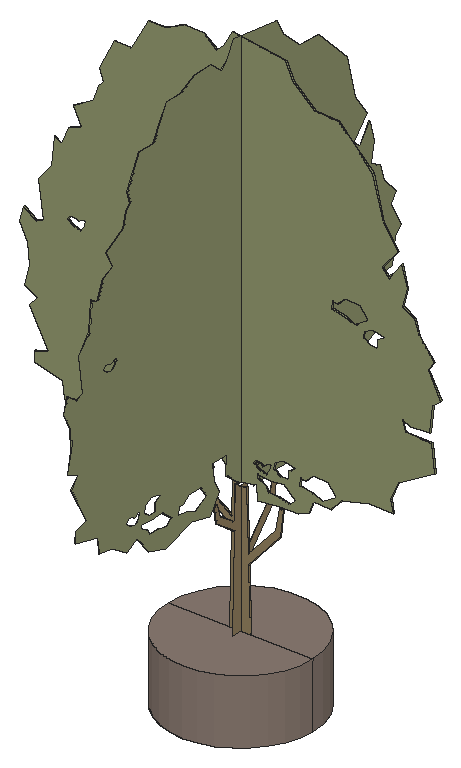
Revit family "L-PLO_구형", category 수목, Revit 2019
Family settings
  OmniClass 번호 = 23.40.05.00
  OmniClass 제목 = Plants and Planting Products
  작업 기준면 기반 = 아니오
  항상 수직 = 예
  로드될 때 보이드를 사용하여 절단 = 아니오
  렌더 모양 소스 = 패밀리 형상
  공유 = 아니오
Parameters
  한국산업규격KS = ""
  콘 높이 = 뿌리분 직경 / 4  # 272.5 mm
  조달청표준공사코드-세부공종 = ""
  뿌리분 직경 = (24 mm + ((R / 10) - 3 mm) * 5) * 10  # 1090 mm
  뿌리분 높이 = 뿌리분 직경 / 2  # 545 mm
  높이 = 4500 mm
  건설정보분류체계-부위분류 = "E985"
  R = 200 mm
  LIM_INFO_주의사항 = "재배포, 재가공, 판매 금지"
  LIM_INFO_제작일 = "20211210"
  LIM_INFO_버전 = "2022_V01"
  LIM_INFO_PL_학명 = ""
  LIM_INFO_PL_품명 = ""
  LIM_INFO_PL_주당인정수량 = 0
  LIM_INFO_PL_수목단위 = "주"
  LIM_INFO_PL_규격 = ""
  LIM_INFO_PL_구분 = ""
  LIM_INFO_PL_가격 = 0
  LIM_INFO_PL_Qty [instance] = 0
  LIM_INFO_PL_M2당수량 = 0
  KBIMS_식별-버전 = ""
  KBIMS_식별-bSK등록번호 = ""
  KBIMS_보급정보-저작자 = "림인포테크_MMJ"
  KBIMS_보급정보-보급코드 = ""
  H = 높이  # 4500 mm
Reference planes
  plane 1 "중심(앞/뒤)": y = 0
  plane 2: z = 0
  plane 3 "중심(왼쪽/오른쪽)": x = 0
  plane 4: x = 482.5
  plane 5: x = -607.5
  plane 6: z = -545
  plane 7: z = -817.5
  plane 8: z = 4500
  plane 9: x = -100
  plane 10: x = 100
Forms (mm)
  Revolve 1, solid, material "흙"
    sketch origin (0, 0, 0) x (1, 0, 0) y (0, 0, 1)
      loop
        line (0, 0) -> (-607.5, 0) -> (-607.5, -545) -> (0, -545) -> (0, 0)
      axis (0, 0) -> (0, -545)
    angle from 0 to 360
  Revolve 2, solid, material "흙"
    sketch origin (0, 0, 0) x (1, 0, 0) y (0, 0, 1)
      loop
        line (0, -545) -> (-607.5, -545) -> (0, -817.5) -> (0, -545)
      axis (0, -545) -> (0, -817.5)
    angle from 0 to 360
Dimensions and locks
  "뿌리분 직경": plane 4 to plane 5
  "뿌리분 높이": plane 6 to level
  "콘 높이": plane 7 to plane 6
  "H": level to plane 8
  "R": plane 9 to plane 10
  aligned and locked: level to plane 2
Automatic sketch dimensions
  Revolve 1 sketch curve to level = 0 mm  (x2)
  Revolve 1 sketch curve to plane 5 = 0 mm
  Revolve 1 sketch curve to plane 3 "중심(왼쪽/오른쪽)" = 0 mm  (x2)
  Revolve 1 sketch curve to plane 6 = 0 mm  (x2)
  Revolve 2 sketch curve to plane 5 = 0 mm
  Revolve 2 sketch curve to plane 3 "중심(왼쪽/오른쪽)" = 0 mm  (x2)
  Revolve 2 sketch curve to plane 7 = 0 mm  (x2)
  Revolve 2 sketch curve to plane 6 = 0 mm  (x2)
Nested families
  nested 1: "원형_base" at (0, 0, 0), type "원형_base"
Definition of nested family "원형_base"
  Parameters (values of type "원형_base")
    Height = 6000 mm
  Reference planes
    plane 1 "중심(앞/뒤)": y = 0
    plane 2: z = 0
    plane 3 "중심(왼쪽/오른쪽)": x = 0
    plane 4: z = 4500
    plane 5: z = 1500
  Forms (mm)
    Extrusion 1, solid, detail levels fine
      sketch origin (6082.966, 0, 129.792) x (1, 0, 0) y (0, 0, 1)
        loop
          line (-7857.004, 1700.72) -> (-7693.532, 1409.278) -> (-7810.687, 1376.593) -> (-7813.412, 1289.432) -> (-7579.101, 1226.786) -> (-7560.029, 1098.769) -> (-7434.7, 1085.15) -> (-7272.698, 979.215) -> (-7168.248, 1040.126) -> (-7042.037, 887.847) -> (-6871.186, 838.556) -> (-6597.381, 920.674) -> (-6408.456, 874.14) -> (-6312.624, 1016.478) -> (-6364.647, 1123.231) -> (-6381.075, 1260.094) -> (-6219.53, 1260.094) -> (-6230.482, 1106.808) -> (-6090.842, 991.843) -> (-5948.463, 1019.215) -> (-5937.511, 898.776) -> (-5775.966, 923.411) -> (-5595.254, 926.148) -> (-5499.423, 961.733) -> (-5469.304, 1057.537) -> (-5315.973, 1054.8) -> (-5228.356, 1147.867) -> (-4991.811, 1214.637) -> (-4794.671, 1206.425) -> (-4813.837, 1310.441) -> (-4750.862, 1452.779) -> (-4446.938, 1625.227) -> (-4471.581, 1849.682) -> (-4693.363, 1857.894) -> (-4718.005, 1940.012) -> (-4652.292, 1909.902) -> (-4488.009, 1923.589) -> (-4463.367, 2131.621) -> (-4394.916, 2191.84) -> (-4498.961, 2391.661) -> (-4449.677, 2465.567) -> (-4578.192, 2611.797) -> (-4612.361, 2734.771) -> (-4713.16, 2796.258) -> (-4675.574, 2941.435) -> (-4721.703, 3110.525) -> (-4822.502, 2963.639) -> (-4885.715, 3030.25) -> (-4752.455, 3190.799) -> (-4878.881, 3368.428) -> (-4968.298, 3707.445) -> (-5115.329, 3854.476) -> (-5258.671, 3997.819) -> (-5454.565, 4009.732) -> (-5638.971, 4171.989) -> (-5696.893, 4299.269) -> (-6148.273, 4361.785) -> (-6222.245, 4228.352) -> (-6278.624, 4178.821) -> (-6391.382, 4267.636) -> (-6554.476, 4267.636) -> (-6713.1, 4195.448) -> (-6853.1, 4195.448) -> (-6918.397, 4074.148) -> (-6996.68, 3943.157) -> (-7139.955, 3943.157) -> (-7268.868, 3694.293) -> (-7234.703, 3600.31) -> (-7277.129, 3557.884) -> (-7312.148, 3437.854) -> (-7486.652, 3335.9) -> (-7418.538, 3199.712) -> (-7522.071, 3153.408) -> (-7584.735, 3009.049) -> (-7647.4, 3047.181) -> (-7669.196, 2815.662) -> (-7778.178, 2679.474) -> (-7737.125, 2381.66) -> (-7797.064, 2359.87) -> (-7900.597, 2430.688) -> (-7936.016, 2308.119) -> (-7867.903, 2171.931) -> (-7857.004, 2005.781) -> (-7892.423, 1842.355) -> (-7786.166, 1785.157) -> (-7857.004, 1700.72)
        loop
          line (-5198.839, 2682.403) -> (-5256.104, 2626.888) -> (-5303.161, 2634.729) -> (-5311.985, 2571.023) -> (-5201.203, 2549.461) -> (-5122.774, 2515.158) -> (-5003.046, 2586.532) -> (-5078.965, 2682.403) -> (-5198.839, 2682.403)
        loop
          line (-4925.213, 2400.905) -> (-4925.213, 2470.836) -> (-4859.202, 2509.249) -> (-4968.563, 2532.887) -> (-5037.529, 2497.429) -> (-5048.366, 2442.272) -> (-4990.238, 2400.905) -> (-4925.213, 2400.905)
        loop
          line (-5571.52, 1204.151) -> (-5580.344, 1140.445) -> (-5469.562, 1118.883) -> (-5391.132, 1084.58) -> (-5271.404, 1155.954) -> (-5347.324, 1251.825) -> (-5467.198, 1251.825) -> (-5524.463, 1196.31) -> (-5571.52, 1204.151)
        loop
          line (-5799.147, 1190.526) -> (-5741.019, 1149.158) -> (-5675.993, 1149.158) -> (-5675.993, 1219.089) -> (-5609.983, 1257.502) -> (-5719.343, 1281.141) -> (-5788.31, 1245.683) -> (-5799.147, 1190.526)
        loop
          line (-5969.09, 1178.377) -> (-5922.555, 1143.733) -> (-5860.178, 1125.916) -> (-5833.445, 1165.509) -> (-5819.583, 1213.021) -> (-5844.336, 1213.021) -> (-5882.95, 1191.245) -> (-5908.693, 1206.629) -> (-5948.057, 1206.629) -> (-5969.09, 1178.377)
        loop
          line (-5715.523, 1104.297) -> (-5821.928, 1093.463) -> (-5935.229, 1108.237) -> (-5935.229, 1076.719) -> (-5864.293, 1033.381) -> (-5842.618, 992.998) -> (-5752.962, 992.998) -> (-5656.409, 969.36) -> (-5613.059, 1018.607) -> (-5715.523, 1104.297)
        loop
          line (-6627.185, 1138.339) -> (-6684.45, 1082.824) -> (-6731.508, 1090.665) -> (-6740.331, 1026.959) -> (-6629.549, 1005.397) -> (-6551.12, 971.094) -> (-6431.392, 1042.468) -> (-6507.312, 1138.339) -> (-6627.185, 1138.339)
        loop
          line (-6910.015, 1126.334) -> (-7016.42, 1115.499) -> (-7129.721, 1130.273) -> (-7129.721, 1098.755) -> (-7058.785, 1055.417) -> (-7037.11, 1015.035) -> (-6947.454, 1015.035) -> (-6850.901, 991.396) -> (-6807.551, 1040.643) -> (-6910.015, 1126.334)
        loop
          line (-7014.477, 1287.933) -> (-7083.443, 1252.474) -> (-7094.28, 1197.317) -> (-7036.152, 1155.95) -> (-6971.126, 1155.95) -> (-6971.126, 1225.881) -> (-6905.116, 1264.294) -> (-7014.477, 1287.933)
        loop
          line (-7260.475, 1226.289) -> (-7281.507, 1198.036) -> (-7234.972, 1163.392) -> (-7172.595, 1145.575) -> (-7145.862, 1185.169) -> (-7132, 1232.68) -> (-7156.753, 1232.68) -> (-7195.367, 1210.904) -> (-7221.11, 1226.289) -> (-7260.475, 1226.289)
        loop
          line (-7470.628, 2495.436) -> (-7509.992, 2495.436) -> (-7531.025, 2467.183) -> (-7484.49, 2432.539) -> (-7422.113, 2414.723) -> (-7395.38, 2454.316) -> (-7381.518, 2501.828) -> (-7406.271, 2501.828) -> (-7444.885, 2480.051) -> (-7470.628, 2495.436)
      from 0 to 5
    Extrusion 2, solid, detail levels fine
      sketch origin (6082.966, 0, 129.792) x (1, 0, 0) y (0, 0, 1)
        loop
          line (-6098.36, 958.225) -> (-6147.132, 999.699) -> (-6153.582, 715.433) -> (-6314.892, 827.93) -> (-6347.855, 929.481) -> (-6366.052, 907.768) -> (-6346.093, 783.354) -> (-6155.182, 644.907) -> (-6172.759, -129.792) -> (-5999.161, -129.792) -> (-6011.525, 392.957) -> (-5743.377, 694.767) -> (-5717.8, 908.84) -> (-5747.305, 908.591) -> (-5784.701, 732.58) -> (-6013.492, 476.133) -> (-6025.201, 971.193) -> (-6098.36, 958.225)
      from 0 to 5
    Extrusion 3, solid, detail levels fine
      sketch origin (-5, 6092.966, 129.792) x (0, 1, 0) y (0, 0, 1)
        loop
          line (-6098.36, 958.225) -> (-6147.132, 999.699) -> (-6153.582, 715.433) -> (-6314.892, 827.93) -> (-6347.855, 929.481) -> (-6366.052, 907.768) -> (-6346.093, 783.354) -> (-6155.182, 644.907) -> (-6172.759, -129.792) -> (-5999.161, -129.792) -> (-6011.525, 392.957) -> (-5743.377, 694.767) -> (-5717.8, 908.84) -> (-5747.305, 908.591) -> (-5784.701, 732.58) -> (-6013.492, 476.133) -> (-6025.201, 971.193) -> (-6098.36, 958.225)
      from 0 to 5
    Revolve 4, solid, detail levels coarse
      sketch origin (0, 0, 0) x (0, 1, 0) y (0, 0, 1)
        loop
          line (0, 0) -> (100, 0) -> (100, 1150.946) -> (1036.35, 1303.527) -> (1703.429, 2127.301) -> (1592.629, 3181.494) -> (1056.99, 4072.948) -> (0, 4500) -> (0, 0)
        axis (0, 0) -> (0, 4500)
      angle from 0 to 360
    Extrusion 5, solid, detail levels fine
      sketch origin (-5.394, 6077.572, 129.792) x (0, 1, 0) y (0, 0, 1)
        loop
          line (-7857.004, 1700.72) -> (-7693.532, 1409.278) -> (-7810.687, 1376.593) -> (-7813.412, 1289.432) -> (-7579.101, 1226.786) -> (-7560.029, 1098.769) -> (-7434.7, 1085.15) -> (-7272.698, 979.215) -> (-7168.248, 1040.126) -> (-7042.037, 887.847) -> (-6871.186, 838.556) -> (-6597.381, 920.674) -> (-6408.456, 874.14) -> (-6312.624, 1016.478) -> (-6364.647, 1123.231) -> (-6381.075, 1260.094) -> (-6219.53, 1260.094) -> (-6230.482, 1106.808) -> (-6090.842, 991.843) -> (-5948.463, 1019.215) -> (-5937.511, 898.776) -> (-5775.966, 923.411) -> (-5595.254, 926.148) -> (-5499.423, 961.733) -> (-5469.304, 1057.537) -> (-5315.973, 1054.8) -> (-5228.356, 1147.867) -> (-4991.811, 1214.637) -> (-4794.671, 1206.425) -> (-4813.837, 1310.441) -> (-4750.862, 1452.779) -> (-4446.938, 1625.227) -> (-4471.581, 1849.682) -> (-4693.363, 1857.894) -> (-4718.005, 1940.012) -> (-4652.292, 1909.902) -> (-4488.009, 1923.589) -> (-4463.367, 2131.621) -> (-4394.916, 2191.84) -> (-4498.961, 2391.661) -> (-4449.677, 2465.567) -> (-4578.192, 2611.797) -> (-4612.361, 2734.771) -> (-4713.16, 2796.258) -> (-4675.574, 2941.435) -> (-4721.703, 3110.525) -> (-4822.502, 2963.639) -> (-4885.715, 3030.25) -> (-4752.455, 3190.799) -> (-4878.881, 3368.428) -> (-4968.298, 3707.445) -> (-5115.329, 3854.476) -> (-5258.671, 3997.819) -> (-5454.565, 4009.732) -> (-5638.971, 4171.989) -> (-5696.893, 4299.269) -> (-6148.273, 4361.785) -> (-6222.245, 4228.352) -> (-6278.624, 4178.821) -> (-6391.382, 4267.636) -> (-6554.476, 4267.636) -> (-6713.1, 4195.448) -> (-6853.1, 4195.448) -> (-6918.397, 4074.148) -> (-6996.68, 3943.157) -> (-7139.955, 3943.157) -> (-7268.868, 3694.293) -> (-7234.703, 3600.31) -> (-7277.129, 3557.884) -> (-7312.148, 3437.854) -> (-7486.652, 3335.9) -> (-7418.538, 3199.712) -> (-7522.071, 3153.408) -> (-7584.735, 3009.049) -> (-7647.4, 3047.181) -> (-7669.196, 2815.662) -> (-7778.178, 2679.474) -> (-7737.125, 2381.66) -> (-7797.064, 2359.87) -> (-7900.597, 2430.688) -> (-7936.016, 2308.119) -> (-7867.903, 2171.931) -> (-7857.004, 2005.781) -> (-7892.423, 1842.355) -> (-7786.166, 1785.157) -> (-7857.004, 1700.72)
        loop
          line (-5198.839, 2682.403) -> (-5256.104, 2626.888) -> (-5303.161, 2634.729) -> (-5311.985, 2571.023) -> (-5201.203, 2549.461) -> (-5122.774, 2515.158) -> (-5003.046, 2586.532) -> (-5078.965, 2682.403) -> (-5198.839, 2682.403)
        loop
          line (-4925.213, 2400.905) -> (-4925.213, 2470.836) -> (-4859.202, 2509.249) -> (-4968.563, 2532.887) -> (-5037.529, 2497.429) -> (-5048.366, 2442.272) -> (-4990.238, 2400.905) -> (-4925.213, 2400.905)
        loop
          line (-5571.52, 1204.151) -> (-5580.344, 1140.445) -> (-5469.562, 1118.883) -> (-5391.132, 1084.58) -> (-5271.404, 1155.954) -> (-5347.324, 1251.825) -> (-5467.198, 1251.825) -> (-5524.463, 1196.31) -> (-5571.52, 1204.151)
        loop
          line (-5799.147, 1190.526) -> (-5741.019, 1149.158) -> (-5675.993, 1149.158) -> (-5675.993, 1219.089) -> (-5609.983, 1257.502) -> (-5719.343, 1281.141) -> (-5788.31, 1245.683) -> (-5799.147, 1190.526)
        loop
          line (-5969.09, 1178.377) -> (-5922.555, 1143.733) -> (-5860.178, 1125.916) -> (-5833.445, 1165.509) -> (-5819.583, 1213.021) -> (-5844.336, 1213.021) -> (-5882.95, 1191.245) -> (-5908.693, 1206.629) -> (-5948.057, 1206.629) -> (-5969.09, 1178.377)
        loop
          line (-5715.523, 1104.297) -> (-5821.928, 1093.463) -> (-5935.229, 1108.237) -> (-5935.229, 1076.719) -> (-5864.293, 1033.381) -> (-5842.618, 992.998) -> (-5752.962, 992.998) -> (-5656.409, 969.36) -> (-5613.059, 1018.607) -> (-5715.523, 1104.297)
        loop
          line (-6627.185, 1138.339) -> (-6684.45, 1082.824) -> (-6731.508, 1090.665) -> (-6740.331, 1026.959) -> (-6629.549, 1005.397) -> (-6551.12, 971.094) -> (-6431.392, 1042.468) -> (-6507.312, 1138.339) -> (-6627.185, 1138.339)
        loop
          line (-6910.015, 1126.334) -> (-7016.42, 1115.499) -> (-7129.721, 1130.273) -> (-7129.721, 1098.755) -> (-7058.785, 1055.417) -> (-7037.11, 1015.035) -> (-6947.454, 1015.035) -> (-6850.901, 991.396) -> (-6807.551, 1040.643) -> (-6910.015, 1126.334)
        loop
          line (-7014.477, 1287.933) -> (-7083.443, 1252.474) -> (-7094.28, 1197.317) -> (-7036.152, 1155.95) -> (-6971.126, 1155.95) -> (-6971.126, 1225.881) -> (-6905.116, 1264.294) -> (-7014.477, 1287.933)
        loop
          line (-7260.475, 1226.289) -> (-7281.507, 1198.036) -> (-7234.972, 1163.392) -> (-7172.595, 1145.575) -> (-7145.862, 1185.169) -> (-7132, 1232.68) -> (-7156.753, 1232.68) -> (-7195.367, 1210.904) -> (-7221.11, 1226.289) -> (-7260.475, 1226.289)
        loop
          line (-7470.628, 2495.436) -> (-7509.992, 2495.436) -> (-7531.025, 2467.183) -> (-7484.49, 2432.539) -> (-7422.113, 2414.723) -> (-7395.38, 2454.316) -> (-7381.518, 2501.828) -> (-7406.271, 2501.828) -> (-7444.885, 2480.051) -> (-7470.628, 2495.436)
      from 0 to 5
  Lines and regions (mm)
    symbolic lines
      curve 1: arc (1635.332, -485.687, 0) -> (1667.868, -418.371, 0) -> (1679.749, -344.554, 0) r 258.159
      curve 2: arc (1248.839, -344.979, 0) -> (1161.515, -385.699, 0) -> (1202.235, -473.023, 0) r 68.131
      curve 3: arc (-1695.857, 107.017, 0) -> (-1692.975, -241.706, 0) -> (-1586.717, -573.859, 0) r 1161.617
      curve 4: arc (-1144.958, -879.561, 0) -> (-1126.681, -784.458, 0) -> (-1221.965, -767.154, 0) r 68.131
      curve 5: arc (-1332.501, -624.137, 0) -> (-1291.781, -536.813, 0) -> (-1379.105, -496.093, 0) r 68.131
      curve 6: arc (242.273, -1441.864, 0) -> (174.142, -1373.733, 0) -> (106.012, -1441.864, 0) r 68.131
      curve 7: arc (412.988, -1376.048, 0) -> (325.664, -1335.328, 0) -> (284.944, -1422.652, 0) r 68.131
      curve 8: arc (523.117, -1003.944, 0) -> (432.113, -972.297, 0) -> (400.462, -1063.3, 0) r 68.131
      curve 9: arc (1588.781, -613.655, 0) -> (1511.334, -755.783, 0) -> (1449.328, -905.294, 0) r 1530.708
      curve 10: arc (1212.882, -768.778, 0) -> (1119.981, -794.331, 0) -> (1145.534, -887.232, 0) r 68.131
      curve 11: arc (1110.244, -1016.638, 0) -> (1016.422, -1035.277, 0) -> (1033.709, -1129.358, 0) r 68.131
      curve 12: arc (-1425.465, 83.399, 0) -> (-1350.711, 144.19, 0) -> (-1411.504, 218.943, 0) r 68.131
      curve 13: arc (-1449.28, 340.731, 0) -> (-1361.482, 382.796, 0) -> (-1405.374, 469.694, 0) r 68.131
      curve 14: arc (-480.177, 1629.833, 0) -> (-1028.541, 1349.985, 0) -> (-1452.311, 903.402, 0) r 1820.932
      curve 15: arc (840.128, 1483.04, 0) -> (516.224, 1621.202, 0) -> (170.322, 1687.191, 0) r 1643.492
      curve 16: circle (0, -5.394, 0) r 102.196 normal (0, 0, 1)
      curve 17: arc (10.987, 1428.655, 0) -> (71.481, 1353.933, 0) -> (146.468, 1414.1, 0) r 68.131
      curve 18: arc (-1042.659, 453.116, 0) -> (-949.597, 478.077, 0) -> (-974.558, 571.139, 0) r 68.131
      curve 19: arc (-432.822, 1361.47, 0) -> (-352.618, 1306.443, 0) -> (-299.13, 1387.682, 0) r 68.131
      curve 20: arc (1592.038, 600.273, 0) -> (1447.702, 893.524, 0) -> (1250.273, 1154.006, 0) r 1712.291
      curve 21: arc (964.099, 1048.093, 0) -> (965.764, 951.765, 0) -> (1062.093, 953.412, 0) r 68.131
      curve 22: arc (951.809, 1404.944, 0) -> (1043.171, 1308.743, 0) -> (1157.586, 1241.58, 0) r 474.756
      curve 23: arc (682.396, 1257.788, 0) -> (701.601, 1164.294, 0) -> (795.437, 1181.746, 0) r 68.131
      curve 24: arc (1406.082, 531.047, 0) -> (1365.362, 443.723, 0) -> (1452.686, 403.003, 0) r 68.131
      curve 25: arc (1419.033, -184.891, 0) -> (1346.148, -248.234, 0) -> (1409.811, -320.839, 0) r 68.131
      curve 26: line (1248.838, -344.958, 0) -> (1635.332, -485.687, 0)
      curve 27: line (-1144.958, -879.561, 0) -> (-1367.113, -1035.123, 0)
      curve 28: line (-1332.502, -624.158, 0) -> (-1540.165, -701.963, 0)
      curve 29: line (-1540.165, -701.963, 0) -> (-1445.191, -923.525, 0)
      curve 30: line (-1445.191, -923.525, 0) -> (-1221.994, -767.096, 0)
      curve 31: line (-1586.717, -573.859, 0) -> (-1379.104, -496.072, 0)
      curve 32: line (106.012, -1714.387, 0) -> (106.012, -1441.864, 0)
      curve 33: line (242.273, -1441.864, 0) -> (242.273, -1714.387, 0)
      curve 34: line (242.273, -1714.387, 0) -> (378.126, -1678.686, 0)
      curve 35: line (378.126, -1678.686, 0) -> (284.923, -1422.651, 0)
      curve 36: line (413.009, -1376.049, 0) -> (506.212, -1632.085, 0)
      curve 37: line (506.212, -1632.085, 0) -> (629.256, -1594.477, 0)
      curve 38: line (629.256, -1594.477, 0) -> (400.462, -1063.3, 0)
      curve 39: line (1588.781, -613.655, 0) -> (1202.236, -473.044, 0)
      curve 40: line (1110.244, -1016.638, 0) -> (1263.281, -1126.009, 0)
      curve 41: line (1263.281, -1126.009, 0) -> (1381.148, -1023.268, 0)
      curve 42: line (1381.148, -1023.268, 0) -> (1145.534, -887.232, 0)
      curve 43: line (1212.882, -768.778, 0) -> (1449.328, -905.294, 0)
      curve 44: line (1185.156, -1237.573, 0) -> (1033.68, -1129.416, 0)
      curve 45: line (523.117, -1003.944, 0) -> (752.821, -1536.918, 0)
      curve 46: line (1419.033, -184.891, 0) -> (1619.967, -202.544, 0)
      curve 47: line (1619.967, -202.544, 0) -> (1688.573, 53.718, 0)
      curve 48: line (1688.573, 53.718, 0) -> (1638.682, 472.203, 0)
      curve 49: line (1638.682, 472.203, 0) -> (1452.685, 402.982, 0)
      curve 50: line (1679.749, -344.554, 0) -> (1409.811, -320.839, 0)
      curve 51: line (-1452.311, 903.402, 0) -> (-974.558, 571.139, 0)
      curve 52: line (-1449.278, 340.711, 0) -> (-1652.581, 418.516, 0)
      curve 53: line (-1652.581, 418.516, 0) -> (-1684.057, 242.738, 0)
      curve 54: line (-1684.057, 242.738, 0) -> (-1411.504, 218.943, 0)
      curve 55: line (-1425.465, 83.399, 0) -> (-1695.857, 107.017, 0)
      curve 56: line (-1042.659, 453.116, 0) -> (-1496.834, 768.981, 0)
      curve 57: line (-1496.834, 768.981, 0) -> (-1605.979, 546.602, 0)
      curve 58: line (-1605.979, 546.602, 0) -> (-1405.374, 469.694, 0)
      curve 59: line (170.322, 1687.191, 0) -> (146.468, 1414.1, 0)
      curve 60: line (10.987, 1428.655, 0) -> (34.61, 1699.102, 0)
      curve 61: line (34.61, 1699.102, 0) -> (-125.497, 1694.742, 0)
      curve 62: line (-125.497, 1694.742, 0) -> (-345.968, 1653.591, 0)
      curve 63: line (-345.968, 1653.591, 0) -> (-299.13, 1387.682, 0)
      curve 64: line (-432.903, 1361.582, 0) -> (-480.177, 1629.833, 0)
      curve 65: line (1254.015, 1145.199, 0) -> (1062.093, 953.412, 0)
      curve 66: line (964.099, 1048.093, 0) -> (1157.586, 1241.58, 0)
      curve 67: line (951.809, 1404.944, 0) -> (795.495, 1181.717, 0)
      curve 68: line (682.396, 1257.788, 0) -> (840.128, 1483.04, 0)
      curve 69: line (1406.083, 531.068, 0) -> (1592.038, 600.273, 0)
      curve 70: arc (-1367.113, -1035.123, 0) -> (-726.91, -1583.731, 0) -> (106.012, -1714.387, 0) r 1544.464
      curve 71: line (752.821, -1536.918, 0) -> (1185.156, -1237.573, 0)
  Dimensions and locks
    aligned and locked: level to plane 2
